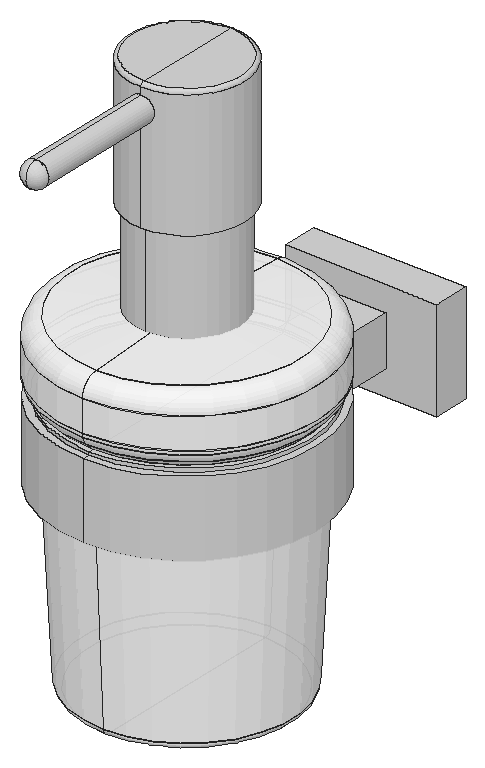
Revit family "Reece_Accessory_GROHE_Essentials Cube_Soap Dispenser", category Plumbing Fixtures, Revit 2018
Family settings
  Round Connector Dimension = Use Diameter
  Part Type = Normal
  Work Plane-Based = Yes
  Always vertical = Yes
  Cut with Voids When Loaded = Yes
  Shared = Yes
  Room Calculation Point = Yes
Parameters (values of type "Chrome_Glass")
  URL = "https://www.reece.com.au/product/-9506975"
  Type Comments = "Accessory"
  Reece_Product_Web Page = "https://www.reece.com.au/product/-9506975"
  Reece_Product_Type = "Accessory"  # constant formula
  Reece_Product_Sub Brand = "Essentials Cube"  # constant formula
  Reece_Product_Number = "9506975"
  Reece_Product_Mount = "Wall Mounted"
  Reece_Product_Description = "GROHE Essentials Cube Accessories Soap Dispenser and Holder"
  Reece_Product_Brand = "GROHE"  # constant formula
  Reece_Overall_Height = 157 mm  # constant formula
  Reece_Material_Secondary = Reece_Safety Glass_Opaque
  Reece_Material_Main = Reece_Brass_Chrome
  Reece_Height_From_Level [instance] = 1000 mm
  Reece_Detail_Shape = ""
  Reece_Detail_Installation = ""
  Reece_Detail_Disclaimer = "THIS FILE IS THE PROPERTY OF THE REECE GROUP. IT MAY NOT BE REPRODUCED, REVERSE-ENGINEERED OR MODIFIED. ANY REPUBLICATION, TRANSMISSION OR DISTRIBUTION FOR THE PURPOSE OF COMMERCIALLY EXPLOITING THE FILES IS PROHIBITED."  # constant formula
  Reece_Detail_Connector = ""
  Reece_Detail_Additional = ""
  Reece_Accessory_Projection = 126 mm  # constant formula
  Model = "Essentials Cube"
  Manufacturer = "GROHE"
  Keynote = "Product #9506975, Reece_Accessory_GROHE_Essentials Cube_Soap Dispenser - Chrome_Glass"
  Disclaimer = "THIS FILE IS THE PROPERTY OF THE REECE GROUP. IT MAY NOT BE REPRODUCED, REVERSE-ENGINEERED OR MODIFIED. ANY REPUBLICATION, TRANSMISSION OR DISTRIBUTION FOR THE PURPOSE OF COMMERCIALLY EXPLOITING THE FILES IS PROHIBITED."  # constant formula
  Description = "GROHE Essentials Cube Accessories Soap Dispenser and Holder"
  Default Elevation = 0 mm
Types (2, lengths in mm): name | Keynote
  (no name) | "Product #9506975, Reece_Accessory_GROHE_Essentials Cube_Soap Dispenser -  "
  Chrome_Glass | "Product #9506975, Reece_Accessory_GROHE_Essentials Cube_Soap Dispenser - Chrome_Glass"
Reference planes
  plane 1 "Center (Front/Back)": y = 0
  plane 2 "Bottom Host Plane": z = -5
  plane 3 "Center (Left/Right)": x = 0
  plane 4 "Fixing Point": z = 1000
  plane 5: y = -70.31
  plane 6: y = -126
  plane 7: z = 938.328
  plane 8: z = 1095.328
Forms (mm)
  Extrusion 1, solid, material "Reece_Brass_Chrome" <- "Reece_Material_Main"
    sketch origin (-14, 0, 0) x (0, 1, 0) y (0, 0, 1)
      loop
        line (0, 1000) -> (0, 1014) -> (-10, 1014) -> (-10, 986) -> (0, 986) -> (0, 1000)
    from -7 to 35
  Revolve 2, solid, material "Reece_Safety Glass_Opaque" <- "Reece_Material_Secondary"
    sketch origin (0, 0, 45.19) x (0, 1, 0) y (0, 0, 1)
      loop
        line (-80.96, 987.5) -> (-80.96, 986.4) -> (-101.817, 985.307)
        arc (-101.817, 985.307) -> (-105.182, 983.756) -> (-106.555, 980.314) r 5
        line (-106.555, 980.314) -> (-106.555, 971.69)
        arc (-106.555, 971.69) -> (-106.523, 971.128) -> (-106.429, 970.573) r 5
        arc (-106.429, 970.573) -> (-105.93, 969.27) -> (-105.09, 968.155) r 5
        line (-105.09, 968.155) -> (-103.196, 966.26) -> (-99.446, 894.897)
        arc (-99.446, 894.897) -> (-98.826, 893.551) -> (-97.449, 893.001) r 2
        line (-97.449, 893.001) -> (-70.31, 893.001) -> (-70.31, 987.5) -> (-80.96, 987.5)
      axis (-70.31, 987.5) -> (-70.31, 893.001)
    angle from 0 to 360
  Revolve 3, solid, material "Reece_Brass_Chrome" <- "Reece_Material_Main"
    sketch origin (0, 0, 3.94) x (0, 1, 0) y (0, 0, 1)
      loop
        line (-70.31, 1007.51) -> (-70.31, 984.61) -> (-36.31, 984.61) -> (-36.31, 985.56) -> (-34.31, 985.56) -> (-34.31, 1006.56) -> (-36.31, 1006.56) -> (-36.31, 1007.51) -> (-70.31, 1007.51)
      axis (-70.31, 1007.51) -> (-70.31, 984.61)
    angle from 0 to 360
  Revolve 4, solid, material "Reece_Brass_Chrome" <- "Reece_Material_Main"
    sketch origin (0, 0, 3.94) x (0, 1, 0) y (0, 0, 1)
      loop
        line (-70.31, 1091.25) -> (-85.31, 1091.25)
        arc (-85.31, 1091.25) -> (-86.017, 1090.957) -> (-86.31, 1090.25) r 1
        line (-86.31, 1090.25) -> (-86.31, 1055.25) -> (-84.81, 1055.25) -> (-84.81, 1028.75) -> (-80.96, 1028.75) -> (-70.31, 1028.75) -> (-70.31, 1091.25)
      axis (-70.31, 1091.25) -> (-70.31, 1028.75)
    angle from 0 to 360
  Revolve 5, solid, material "Reece_Brass_Chrome" <- "Reece_Material_Main"
    sketch origin (0, 0, 0) x (0, 1, 0) y (0, 0, 1)
      loop
        line (-86.239, 1088.69) -> (-86.239, 1092.19) -> (-122.739, 1092.19)
        arc (-122.739, 1092.19) -> (-125.214, 1091.165) -> (-126.239, 1088.69) r 3.5
        line (-126.239, 1088.69) -> (-86.239, 1088.69)
      axis (-86.239, 1088.69) -> (-126.239, 1088.69)
    angle from 0 to 360
  Extrusion 6, solid, material "Reece_Brass_Chrome" <- "Reece_Material_Main"
    sketch origin (0, 0, 0) x (0, 1, 0) y (0, 0, 1)
      loop
        line (-10, 993) -> (-10, 1007) -> (-35, 1007) -> (-35, 993) -> (-10, 993)
    from -7 to 7
Lines and regions (mm)
  model lines, style "InvisibleLines"
    curve 1: line (0, 0, -5) -> (0, 0, 1000)
Text (mm)
  text "Reece ©" at (2523.599, -2416.07, 3077.143), in view "Reece Preview"
  text "Reece ©" at (265.06, -270.139, -1020.679), in view "Ref. Level"
Dimensions and locks
  locked: plane 2 "Bottom Host Plane" to level at 5
  "Reece_Height_From_Level": plane 4 "Fixing Point" to level
  "Reece_Overall_Height": plane 7 to plane 8
  "Reece_Accessory_Projection": plane 6 to plane 1 "Center (Front/Back)"
  locked: plane 7 to plane 4 "Fixing Point" at 61.672
  aligned and locked: plane 4 "Fixing Point" to curve 1
Automatic sketch dimensions
  curve 1 to plane 3 "Center (Left/Right)" = 0 mm
  curve 1 to plane 2 "Bottom Host Plane" = 0 mm
  Revolve 3 sketch curve to plane 5 = 0 mm  (x2)
  plane 4 "Fixing Point" to Revolve 3 sketch curve = 11.45 mm
  Revolve 3 sketch curve to plane 5 = 34 mm
  Revolve 3 sketch curve to plane 4 "Fixing Point" = 11.45 mm
  Revolve 3 sketch curve to Revolve 3 sketch curve = 0 mm
  Revolve 3 sketch curve to Revolve 3 sketch curve = 2 mm
  Revolve 3 sketch curve to Revolve 3 sketch curve = 0.95 mm  (x2)
  Revolve 3 sketch curve to Revolve 3 sketch curve = 4.646 mm
  Revolve 3 sketch curve to Revolve 3 sketch curve = 7.454 mm
  Revolve 4 sketch curve to plane 5 = 0 mm  (x2)
  Revolve 4 sketch curve to Revolve 4 sketch curve = 10.65 mm
  Revolve 4 sketch curve to Revolve 4 sketch curve = 3.85 mm
  plane 5 to Revolve 4 sketch curve = 15 mm
  Revolve 4 sketch curve to Revolve 4 sketch curve = 1.5 mm
  Revolve 4 sketch curve to plane 4 "Fixing Point" = 32.69 mm
  Revolve 4 sketch curve to Revolve 4 sketch curve = 26.5 mm
  Revolve 4 sketch curve to Revolve 4 sketch curve = 35 mm
  Revolve 4 sketch curve to Revolve 4 sketch curve = 7.5 mm
  Revolve 4 sketch curve to Revolve 4 sketch curve = 10 mm
  plane 5 to Revolve 5 sketch curve = 15.929 mm
  Revolve 5 sketch curve to Revolve 5 sketch curve = 11.781 mm
  Revolve 5 sketch curve to Revolve 5 sketch curve = 5.281 mm
  Revolve 5 sketch curve to Revolve 5 sketch curve = 36.5 mm
  Revolve 5 sketch curve to Revolve 5 sketch curve = 0 mm  (x3)
  Extrusion 1 sketch curve to plane 1 "Center (Front/Back)" = 0 mm
  plane 4 "Fixing Point" to Extrusion 1 sketch curve = 0 mm
  plane 1 "Center (Front/Back)" to Extrusion 1 sketch curve = 10 mm
  plane 4 "Fixing Point" to Extrusion 1 sketch curve = 14 mm
  Extrusion 1 sketch curve to Extrusion 1 sketch curve = 14 mm
  plane 4 "Fixing Point" to Extrusion 6 sketch curve = 7 mm
  plane 1 "Center (Front/Back)" to Extrusion 6 sketch curve = 35 mm
  plane 1 "Center (Front/Back)" to Extrusion 6 sketch curve = 10 mm
  Extrusion 6 sketch curve to plane 4 "Fixing Point" = 7 mm
  Revolve 5 sketch curve to Revolve 5 sketch curve = 3.5 mm
  Revolve 5 sketch curve to plane 4 "Fixing Point" = 88.69 mm
  Revolve 2 sketch curve to Revolve 2 sketch curve = 0 mm  (x3)
  Revolve 2 sketch curve to plane 5 = 0 mm  (x2)
  plane 5 to Revolve 2 sketch curve = 10.65 mm
  plane 5 to Revolve 2 sketch curve = 27.139 mm
  Revolve 2 sketch curve to Revolve 2 sketch curve = 20.595 mm
  Revolve 2 sketch curve to Revolve 2 sketch curve = 0.262 mm
  Revolve 2 sketch curve to Revolve 2 sketch curve = 1.641 mm
  Revolve 2 sketch curve to plane 4 "Fixing Point" = 13.344 mm
  Revolve 2 sketch curve to Revolve 2 sketch curve = 1.894 mm  (x2)
  Revolve 2 sketch curve to Revolve 2 sketch curve = 5 mm
  Revolve 2 sketch curve to Revolve 2 sketch curve = 8.624 mm
  Revolve 2 sketch curve to Revolve 2 sketch curve = 1.093 mm
  Revolve 2 sketch curve to Revolve 2 sketch curve = 1.1 mm
  Revolve 2 sketch curve to Revolve 2 sketch curve = 0.126 mm
  Revolve 2 sketch curve to Revolve 2 sketch curve = 25.31 mm
  Revolve 2 sketch curve to Revolve 2 sketch curve = 20 mm
  Revolve 2 sketch curve to Revolve 2 sketch curve = 1.997 mm
  plane 4 "Fixing Point" to Revolve 2 sketch curve = 59.809 mm
  Revolve 2 sketch curve to Revolve 2 sketch curve = 0.105 mm
